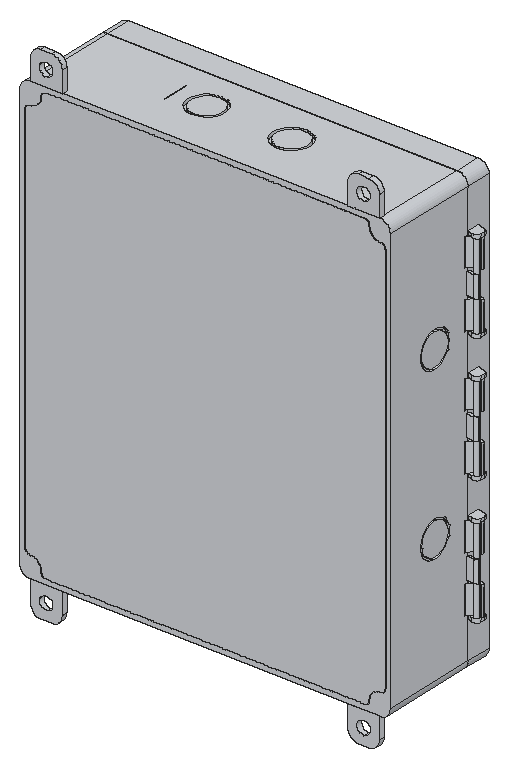
Revit family "Gas-Detectors-Control-Panel_GDCP-Touch_Brasch", category Generic Models, Revit 2026
Family settings
  Can host rebar = No
  Round Connector Dimension = Use Diameter
  Part Type = Normal
  Work Plane-Based = No
  Always vertical = Yes
  Cut with Voids When Loaded = No
  Maintain Annotation Orientation = No
  Shared = No
  Room Calculation Point = No
Parameters (values of type "GDCP-Touch, without any internal sensors")
  WIDTH = 8.72"
  URL = "https://braschenvtech.com/"
  Specification = "https://www.arcat.com/company/brasch-environmental-technologies-52580/spec"
  Product Page URL = "https://www.arcat.com/company/brasch-environmental-technologies-52580"
  Material = Gray
  Manufacturer = "Brasch Environmental Technologies"  # constant formula
  Keynote = "28 42 15"
  Input Voltage = "24 VAC"
  HEIGHT = 10.50"
  Default Elevation = 0.00"
  DEPTH = 2.90"
  Copyright = "@ARCAT"  # constant formula
  CAD Details = "https://www.arcat.com/company/brasch-environmental-technologies-52580/cad"
Reference planes (in)
  plane 1 "Center (Front/Back)": y = 0
  plane 2: z = 0
  plane 3 "Center (Left/Right)": x = 0
Forms (in)
  Extrusion 1, solid
    sketch origin (-4.37285, 0, 10.44843) x (0, 0, 1) y (-1, 0, 0)
      loop
        line (0.05157, -8.195) -> (0.05157, 0.025)
        arc (0.05157, 0.025) -> (-0.02165, 0.20178) -> (-0.19843, 0.275) r 0.25
        line (-0.19843, 0.275) -> (-10.19843, 0.275)
        arc (-10.19843, 0.275) -> (-10.37521, 0.20178) -> (-10.44843, 0.025) r 0.25
        line (-10.44843, 0.025) -> (-10.44843, -8.195)
        arc (-10.44843, -8.195) -> (-10.37521, -8.37178) -> (-10.19843, -8.445) r 0.25
        line (-10.19843, -8.445) -> (-0.19843, -8.445)
        arc (-0.19843, -8.445) -> (-0.02165, -8.37178) -> (0.05157, -8.195) r 0.25
      loop
        arc (-0.06843, -0.34997) -> (-0.10549, -0.26133) -> (-0.19462, -0.22546) r 0.12452
        arc (-0.19462, -0.22546) -> (-0.37407, -0.15113) -> (-0.44841, 0.02833) r 0.25379
        arc (-0.44841, 0.02833) -> (-0.48442, 0.1178) -> (-0.5734, 0.155) r 0.125
        line (-0.5734, 0.155) -> (-9.82346, 0.155)
        arc (-9.82346, 0.155) -> (-9.91244, 0.1178) -> (-9.94845, 0.02833) r 0.125
        arc (-9.94845, 0.02833) -> (-10.02279, -0.15113) -> (-10.20225, -0.22546) r 0.25379
        arc (-10.20225, -0.22546) -> (-10.29137, -0.26133) -> (-10.32843, -0.34997) r 0.12452
        line (-10.32843, -0.34997) -> (-10.32843, -7.82003)
        arc (-10.32843, -7.82003) -> (-10.29137, -7.90867) -> (-10.20225, -7.94454) r 0.12452
        arc (-10.20225, -7.94454) -> (-10.02279, -8.01887) -> (-9.94845, -8.19833) r 0.25379
        arc (-9.94845, -8.19833) -> (-9.91244, -8.2878) -> (-9.82346, -8.325) r 0.125
        line (-9.82346, -8.325) -> (-0.5734, -8.325)
        arc (-0.5734, -8.325) -> (-0.48442, -8.2878) -> (-0.44841, -8.19833) r 0.125
        arc (-0.44841, -8.19833) -> (-0.37407, -8.01887) -> (-0.19462, -7.94454) r 0.25379
        arc (-0.19462, -7.94454) -> (-0.10549, -7.90867) -> (-0.06843, -7.82003) r 0.12452
        line (-0.06843, -7.82003) -> (-0.06843, -0.34997)
    from 0 to -2.331
  Extrusion 2, solid
    sketch origin (0, 0, 0) x (1, 0, 0) y (0, 1, 0)
      loop
        line (4.1498, 2.38521) -> (4.07215, 2.276) -> (4.07215, 2.148)
        arc (4.07215, 2.148) -> (4.07469, 2.16427) -> (4.08205, 2.179) r 0.0535
        line (4.08205, 2.179) -> (4.20394, 2.35045)
        arc (4.20394, 2.35045) -> (4.25204, 2.37527) -> (4.30014, 2.35045) r 0.05902
        line (4.30014, 2.35045) -> (4.33643, 2.35045)
        arc (4.33643, 2.35045) -> (4.35667, 2.35809) -> (4.35724, 2.37971) r 0.01939
        arc (4.35724, 2.37971) -> (4.25498, 2.43774) -> (4.1498, 2.38521) r 0.125
    from 8.58333 to 9.25
  Extrusion 3, solid
    sketch origin (0, 0, -1.33333) x (1, 0, 0) y (0, 1, 0)
      loop
        line (4.1498, 2.38521) -> (4.07215, 2.276) -> (4.07215, 2.148)
        arc (4.07215, 2.148) -> (4.07469, 2.16427) -> (4.08205, 2.179) r 0.0535
        line (4.08205, 2.179) -> (4.20394, 2.35045)
        arc (4.20394, 2.35045) -> (4.25204, 2.37527) -> (4.30014, 2.35045) r 0.05902
        line (4.30014, 2.35045) -> (4.33643, 2.35045)
        arc (4.33643, 2.35045) -> (4.35667, 2.35809) -> (4.35724, 2.37971) r 0.01939
        arc (4.35724, 2.37971) -> (4.25498, 2.43774) -> (4.1498, 2.38521) r 0.125
    from 8.58333 to 9.25
  Extrusion 4, solid
    sketch origin (0, 0, -3) x (1, 0, 0) y (0, 1, 0)
      loop
        line (4.1498, 2.38521) -> (4.07215, 2.276) -> (4.07215, 2.148)
        arc (4.07215, 2.148) -> (4.07469, 2.16427) -> (4.08205, 2.179) r 0.0535
        line (4.08205, 2.179) -> (4.20394, 2.35045)
        arc (4.20394, 2.35045) -> (4.25204, 2.37527) -> (4.30014, 2.35045) r 0.05902
        line (4.30014, 2.35045) -> (4.33643, 2.35045)
        arc (4.33643, 2.35045) -> (4.35667, 2.35809) -> (4.35724, 2.37971) r 0.01939
        arc (4.35724, 2.37971) -> (4.25498, 2.43774) -> (4.1498, 2.38521) r 0.125
    from 8.58333 to 9.25
  Extrusion 5, solid
    sketch origin (0, 0, -4.33333) x (1, 0, 0) y (0, 1, 0)
      loop
        line (4.1498, 2.38521) -> (4.07215, 2.276) -> (4.07215, 2.148)
        arc (4.07215, 2.148) -> (4.07469, 2.16427) -> (4.08205, 2.179) r 0.0535
        line (4.08205, 2.179) -> (4.20394, 2.35045)
        arc (4.20394, 2.35045) -> (4.25204, 2.37527) -> (4.30014, 2.35045) r 0.05902
        line (4.30014, 2.35045) -> (4.33643, 2.35045)
        arc (4.33643, 2.35045) -> (4.35667, 2.35809) -> (4.35724, 2.37971) r 0.01939
        arc (4.35724, 2.37971) -> (4.25498, 2.43774) -> (4.1498, 2.38521) r 0.125
    from 8.58333 to 9.25
  Extrusion 6, solid
    sketch origin (0, 0, -6) x (1, 0, 0) y (0, 1, 0)
      loop
        line (4.1498, 2.38521) -> (4.07215, 2.276) -> (4.07215, 2.148)
        arc (4.07215, 2.148) -> (4.07469, 2.16427) -> (4.08205, 2.179) r 0.0535
        line (4.08205, 2.179) -> (4.20394, 2.35045)
        arc (4.20394, 2.35045) -> (4.25204, 2.37527) -> (4.30014, 2.35045) r 0.05902
        line (4.30014, 2.35045) -> (4.33643, 2.35045)
        arc (4.33643, 2.35045) -> (4.35667, 2.35809) -> (4.35724, 2.37971) r 0.01939
        arc (4.35724, 2.37971) -> (4.25498, 2.43774) -> (4.1498, 2.38521) r 0.125
    from 8.58333 to 9.25
  Extrusion 7, solid
    sketch origin (0, 0, -7.33333) x (1, 0, 0) y (0, 1, 0)
      loop
        line (4.1498, 2.38521) -> (4.07215, 2.276) -> (4.07215, 2.148)
        arc (4.07215, 2.148) -> (4.07469, 2.16427) -> (4.08205, 2.179) r 0.0535
        line (4.08205, 2.179) -> (4.20394, 2.35045)
        arc (4.20394, 2.35045) -> (4.25204, 2.37527) -> (4.30014, 2.35045) r 0.05902
        line (4.30014, 2.35045) -> (4.33643, 2.35045)
        arc (4.33643, 2.35045) -> (4.35667, 2.35809) -> (4.35724, 2.37971) r 0.01939
        arc (4.35724, 2.37971) -> (4.25498, 2.43774) -> (4.1498, 2.38521) r 0.125
    from 8.58333 to 9.25
  Extrusion 8, solid
    sketch origin (0, 0, 0) x (1, 0, 0) y (0, 1, 0)
      loop
        line (4.07215, 2.211) -> (4.27015, 2.211)
        arc (4.27015, 2.211) -> (4.31106, 2.21894) -> (4.34602, 2.24159) r 0.10938
        arc (4.34602, 2.24159) -> (4.3507, 2.26348) -> (4.33215, 2.276) r 0.02
        line (4.33215, 2.276) -> (4.30015, 2.276)
        arc (4.30015, 2.276) -> (4.25165, 2.25147) -> (4.20315, 2.276) r 0.0602
        line (4.20315, 2.276) -> (4.07215, 2.276) -> (4.07215, 2.211)
    from 7.99997 to 8.50003
  Extrusion 9, solid
    sketch origin (0, 0, -3) x (1, 0, 0) y (0, 1, 0)
      loop
        line (4.07215, 2.211) -> (4.27015, 2.211)
        arc (4.27015, 2.211) -> (4.31106, 2.21894) -> (4.34602, 2.24159) r 0.10938
        arc (4.34602, 2.24159) -> (4.3507, 2.26348) -> (4.33215, 2.276) r 0.02
        line (4.33215, 2.276) -> (4.30015, 2.276)
        arc (4.30015, 2.276) -> (4.25165, 2.25147) -> (4.20315, 2.276) r 0.0602
        line (4.20315, 2.276) -> (4.07215, 2.276) -> (4.07215, 2.211)
    from 7.99997 to 8.50003
  Extrusion 10, solid
    sketch origin (0, 0, -6) x (1, 0, 0) y (0, 1, 0)
      loop
        line (4.07215, 2.211) -> (4.27015, 2.211)
        arc (4.27015, 2.211) -> (4.31106, 2.21894) -> (4.34602, 2.24159) r 0.10938
        arc (4.34602, 2.24159) -> (4.3507, 2.26348) -> (4.33215, 2.276) r 0.02
        line (4.33215, 2.276) -> (4.30015, 2.276)
        arc (4.30015, 2.276) -> (4.25165, 2.25147) -> (4.20315, 2.276) r 0.0602
        line (4.20315, 2.276) -> (4.07215, 2.276) -> (4.07215, 2.211)
    from 7.99997 to 8.50003
  Extrusion 11, solid
    sketch origin (-4.1404, 0.12, 0.33138) x (0, 0, -1) y (-1, 0, 0)
      loop
        circle (-9.57553, -6.20256) r 0.14
      loop
        circle (-9.57553, -6.20256) r 0.05482
      loop
        circle (-9.57244, -1.5026) r 0.14
      loop
        circle (-9.57244, -1.5026) r 0.05482
      loop
        circle (-4.87594, -1.50149) r 0.14
      loop
        circle (-4.87594, -1.50149) r 0.05482
      loop
        circle (-4.87612, -6.20255) r 0.14
      loop
        circle (-4.87612, -6.20255) r 0.05482
    from 0 to 2.278
  Extrusion 12, solid
    sketch origin (-2.8954, 0.12, -3.98112) x (0, 0, -1) y (-1, 0, 0)
      loop
        circle (-4.87612, -6.20255) r 0.14
      loop
        circle (-4.87612, -6.20255) r 0.06853
      loop
        circle (-4.87612, -5.58255) r 0.14
      loop
        circle (-4.87612, -5.58255) r 0.06853
      loop
        circle (-4.87612, -2.91755) r 0.14
      loop
        circle (-4.87612, -2.91755) r 0.06853
      loop
        circle (-4.87612, -2.29755) r 0.14
      loop
        circle (-4.87612, -2.29755) r 0.06853
      loop
        circle (-4.87612, 0.98731) r 0.14
      loop
        circle (-4.87612, 0.98731) r 0.06853
      loop
        circle (-12.14112, 0.98745) r 0.14
      loop
        circle (-12.14112, 0.98745) r 0.06853
      loop
        circle (-12.14112, -6.20255) r 0.14
      loop
        circle (-12.14112, -6.20255) r 0.06853
      loop
        circle (-13.34612, -4.25005) r 0.14
      loop
        circle (-13.34612, -4.25005) r 0.06853
      loop
        circle (-13.34612, -0.96505) r 0.14
      loop
        circle (-13.34612, -0.96505) r 0.06853
      loop
        circle (-11.03862, -2.60755) r 0.14
      loop
        circle (-11.03862, -2.60755) r 0.06853
      loop
        circle (-9.48612, -0.96505) r 0.14
      loop
        circle (-9.48612, -0.96505) r 0.06853
      loop
        circle (-9.48612, -4.25005) r 0.14
      loop
        circle (-9.48612, -4.25005) r 0.06853
      loop
        circle (-9.88824, -6.211) r 0.14
      loop
        circle (-9.88824, -6.211) r 0.06853
      loop
        circle (-8.73612, -6.20255) r 0.14
      loop
        circle (-8.73612, -6.20255) r 0.06853
      loop
        circle (-8.73612, -5.58255) r 0.14
      loop
        circle (-8.73612, -5.58255) r 0.06853
      loop
        circle (-8.73612, -2.91755) r 0.14
      loop
        circle (-8.73612, -2.91755) r 0.06853
      loop
        circle (-8.73612, -2.29755) r 0.14
      loop
        circle (-8.73612, -2.29755) r 0.06853
      loop
        circle (-8.73612, 0.98745) r 0.14
      loop
        circle (-8.73612, 0.98745) r 0.06853
      loop
        circle (-9.93612, 0.98745) r 0.14
      loop
        circle (-9.93612, 0.98745) r 0.06853
    from 0 to 0.4
  Extrusion 13, solid
    sketch origin (-2.7504, 0.12, -4.27612) x (0, 0, -1) y (-1, 0, 0)
      loop
        circle (-4.87612, -6.20255) r 0.14
      loop
        circle (-4.87612, -6.20255) r 0.06853
      loop
        circle (-4.87612, 1.27745) r 0.14
      loop
        circle (-4.87612, 1.27745) r 0.06853
      loop
        circle (-14.17612, 1.27745) r 0.14
      loop
        circle (-14.17612, 1.27745) r 0.06853
      loop
        circle (-14.17612, -6.20255) r 0.14
      loop
        circle (-14.17612, -6.20255) r 0.06853
      loop
        circle (-9.52612, -2.46255) r 0.14
      loop
        circle (-9.52612, -2.46255) r 0.06853
    from 0 to 0.2
  Extrusion 14, solid
    sketch origin (1.94394, 0.7353, 5.1325) x (0, 1, 0) y (-1, 0, 0)
      loop
        line (-0.6153, 0.44574) -> (-0.6153, 0.00939) -> (-0.01296, 0.00939) -> (-0.6153, 0.44574)
      loop
        line (0, 4.46357) -> (-0.6153, 4.46357) -> (-0.6153, 4.01783) -> (0, 4.46357)
    from 0 to 0.15
  Extrusion 15, solid
    sketch origin (1.94393, 0.7353, 9.8315) x (0, 1, 0) y (-1, 0, 0)
      loop
        line (-0.6153, 0.44574) -> (-0.6153, 0.00939) -> (-0.01296, 0.00939) -> (-0.6153, 0.44574)
      loop
        line (0, 4.46357) -> (-0.6153, 4.46357) -> (-0.6153, 4.01783) -> (0, 4.46357)
    from 0 to 0.15
  Extrusion 16, solid
    sketch origin (-2.56285, 0.7353, 5.32572) x (0, 0, -1) y (0, 1, 0)
      loop
        line (0, 0) -> (-0.44574, -0.6153) -> (0, -0.6153) -> (0, 0)
      loop
        line (-4.46357, -0.6153) -> (-4.01683, -0.6153) -> (-4.46357, 0.00138) -> (-4.46357, -0.6153)
    from 0 to -0.15
  Extrusion 17, solid
    sketch origin (2.13635, 0.7353, 5.32572) x (0, 0, -1) y (0, 1, 0)
      loop
        line (0, 0) -> (-0.44574, -0.6153) -> (0, -0.6153) -> (0, 0)
      loop
        line (-4.46357, -0.6153) -> (-4.01683, -0.6153) -> (-4.46357, 0.00138) -> (-4.46357, -0.6153)
    from 0 to -0.15
  Extrusion 18, solid
    sketch origin (-4.1404, 0.12, 0.33138) x (0, 0, -1) y (-1, 0, 0)
      loop
        line (-10.04862, -0.11752) -> (-10.04862, -7.58759)
        arc (-10.04862, -7.58759) -> (-10.01156, -7.67622) -> (-9.92244, -7.7121) r 0.12452
        arc (-9.92244, -7.7121) -> (-9.74298, -7.78643) -> (-9.66864, -7.96589) r 0.25379
        arc (-9.66864, -7.96589) -> (-9.63263, -8.05535) -> (-9.54366, -8.09256) r 0.125
        line (-9.54366, -8.09256) -> (-0.29359, -8.09256)
        arc (-0.29359, -8.09256) -> (-0.20461, -8.05535) -> (-0.1686, -7.96589) r 0.125
        arc (-0.1686, -7.96589) -> (-0.09427, -7.78643) -> (0.08519, -7.7121) r 0.25379
        arc (0.08519, -7.7121) -> (0.17432, -7.67622) -> (0.21138, -7.58759) r 0.12452
        line (0.21138, -7.58759) -> (0.21138, -0.11752)
        arc (0.21138, -0.11752) -> (0.17432, -0.02889) -> (0.08519, 0.00698) r 0.12452
        arc (0.08519, 0.00698) -> (-0.09427, 0.08132) -> (-0.1686, 0.26078) r 0.25379
        arc (-0.1686, 0.26078) -> (-0.20461, 0.35024) -> (-0.29359, 0.38744) r 0.125
        line (-0.29359, 0.38744) -> (-9.54366, 0.38744)
        arc (-9.54366, 0.38744) -> (-9.63263, 0.35024) -> (-9.66864, 0.26078) r 0.125
        arc (-9.66864, 0.26078) -> (-9.74298, 0.08132) -> (-9.92244, 0.00698) r 0.25379
        arc (-9.92244, 0.00698) -> (-10.01156, -0.02889) -> (-10.04862, -0.11752) r 0.12452
    from 0 to -0.12
  Extrusion 19, solid
    sketch origin (-4.1404, 0.12, 0.33138) x (0, 0, -1) y (-1, 0, 0)
      loop
        line (0.83138, 0.25744) -> (0.33138, 0.25744) -> (0.33138, -0.49256) -> (0.83138, -0.49256)
        arc (0.83138, -0.49256) -> (1.00815, -0.41933) -> (1.08138, -0.24256) r 0.25
        line (1.08138, -0.24256) -> (1.08138, 0.00744)
        arc (1.08138, 0.00744) -> (1.00815, 0.18422) -> (0.83138, 0.25744) r 0.25
      loop
        line (0.83138, -7.21256) -> (0.33138, -7.21256) -> (0.33138, -7.96256) -> (0.83138, -7.96256)
        arc (0.83138, -7.96256) -> (1.00815, -7.88933) -> (1.08138, -7.71256) r 0.25
        line (1.08138, -7.71256) -> (1.08138, -7.46256)
        arc (1.08138, -7.46256) -> (1.00815, -7.28578) -> (0.83138, -7.21256) r 0.25
      loop
        circle (0.70638, -0.11756) r 0.16
      loop
        circle (0.70638, -7.58756) r 0.16
      loop
        arc (-10.66862, 0.25744) -> (-10.8454, 0.18422) -> (-10.91862, 0.00744) r 0.25
        line (-10.91862, 0.00744) -> (-10.91862, -0.24256)
        arc (-10.91862, -0.24256) -> (-10.8454, -0.41933) -> (-10.66862, -0.49256) r 0.25
        line (-10.66862, -0.49256) -> (-10.16862, -0.49256) -> (-10.16862, 0.25744) -> (-10.66862, 0.25744)
      loop
        arc (-10.66862, -7.21256) -> (-10.8454, -7.28578) -> (-10.91862, -7.46256) r 0.25
        line (-10.91862, -7.46256) -> (-10.91862, -7.71256)
        arc (-10.91862, -7.71256) -> (-10.8454, -7.88933) -> (-10.66862, -7.96256) r 0.25
        line (-10.66862, -7.96256) -> (-10.16862, -7.96256) -> (-10.16862, -7.21256) -> (-10.66862, -7.21256)
      loop
        circle (-10.54362, -0.11756) r 0.16
      loop
        circle (-10.54362, -7.58756) r 0.16
    from 0 to -0.12
  Extrusion 20, void
    sketch origin (-4.64785, 0, 10.25) x (0, 0, 1) y (0, -1, 0)
      loop
        circle (-3, -1.3) r 0.4375
      loop
        circle (-3, -1.3) r 0.375
      loop
        circle (-7.00175, -1.30665) r 0.4375
      loop
        circle (-7.00175, -1.30665) r 0.375
    from 0 to 0.066
  Extrusion 21, void
    sketch origin (4.07215, 0, 10.25) x (0, 0, 1) y (0, 1, 0)
      loop
        circle (-3, 1.3) r 0.4375
      loop
        circle (-3, 1.3) r 0.375
      loop
        circle (-7.00175, 1.30665) r 0.4375
      loop
        circle (-7.00175, 1.30665) r 0.375
    from 0 to 0.066
  Extrusion 22, void
    sketch origin (3.82215, 0, 10.5) x (0, -1, 0) y (-1, 0, 0)
      loop
        circle (-1.3, 3.11) r 0.4375
      loop
        circle (-1.3, 3.11) r 0.375
      loop
        circle (-1.3, 5.11) r 0.4375
      loop
        circle (-1.3, 5.11) r 0.375
    from 0 to 0.066
  Extrusion 23, void
    sketch origin (3.82215, 0, 0) x (1, 0, 0) y (0, 1, 0)
      loop
        circle (-4.11, 1.3) r 0.4375
      loop
        circle (-4.11, 1.3) r 0.375
      loop
        circle (-6.11, 1.3) r 0.4375
      loop
        circle (-6.11, 1.3) r 0.375
      loop
        circle (-2.11, 1.3) r 0.4375
      loop
        circle (-2.11, 1.3) r 0.375
    from 0 to 0.066
  Extrusion 24, void
    sketch origin (-4.1404, 0.12, 0.33138) x (0, 0, 1) y (-1, 0, 0)
      loop
        circle (9.91862, -7.96256) r 0.095
      loop
        circle (9.91862, 0.25744) r 0.095
      loop
        circle (-0.08138, 0.25744) r 0.095
      loop
        circle (-0.08138, -7.96256) r 0.095
    from 0 to -2.211
  Extrusion 25, void
    sketch origin (-4.1404, 0.12, 0.33138) x (0, 0, 1) y (-1, 0, 0)
      loop
        arc (0.11752, -7.96526) -> (0.1677, -8.08884) -> (0.2908, -8.14017) r 0.17328
        line (0.2908, -8.14017) -> (9.53397, -8.14017)
        arc (9.53397, -8.14017) -> (9.65805, -8.08761) -> (9.70665, -7.96192) r 0.17276
        arc (9.70665, -7.96192) -> (9.76671, -7.81193) -> (9.91574, -7.74951) r 0.20912
        arc (9.91574, -7.74951) -> (10.05002, -7.70032) -> (10.10658, -7.56896) r 0.18083
        line (10.10658, -7.56896) -> (10.10658, -0.1171)
        arc (10.10658, -0.1171) -> (10.06269, 0.00019) -> (9.95259, 0.05987) r 0.17868
        arc (9.95259, 0.05987) -> (9.79087, 0.1073) -> (9.72085, 0.2606) r 0.2028
        arc (9.72085, 0.2606) -> (9.67059, 0.38594) -> (9.54602, 0.43809) r 0.17486
        line (9.54602, 0.43809) -> (0.29665, 0.43809)
        arc (0.29665, 0.43809) -> (0.17157, 0.3861) -> (0.12017, 0.26078) r 0.17649
        arc (0.12017, 0.26078) -> (0.06099, 0.11654) -> (-0.08244, 0.05543) r 0.20536
        arc (-0.08244, 0.05543) -> (-0.20825, 0.00618) -> (-0.26095, -0.11821) r 0.1741
        line (-0.26095, -0.11821) -> (-0.26095, -7.58775)
        arc (-0.26095, -7.58775) -> (-0.20934, -7.71155) -> (-0.08507, -7.76202) r 0.17428
        arc (-0.08507, -7.76202) -> (0.05822, -7.82177) -> (0.11752, -7.96526) r 0.20324
      loop
        line (-0.33138, 0.25744) -> (-0.33138, -7.96256)
        arc (-0.33138, -7.96256) -> (-0.25815, -8.13933) -> (-0.08138, -8.21256) r 0.25
        line (-0.08138, -8.21256) -> (9.91862, -8.21256)
        arc (9.91862, -8.21256) -> (10.0954, -8.13933) -> (10.16862, -7.96256) r 0.25
        line (10.16862, -7.96256) -> (10.16862, 0.25744)
        arc (10.16862, 0.25744) -> (10.0954, 0.43422) -> (9.91862, 0.50744) r 0.25
        line (9.91862, 0.50744) -> (-0.08138, 0.50744)
        arc (-0.08138, 0.50744) -> (-0.25815, 0.43422) -> (-0.33138, 0.25744) r 0.25
    from -2.156 to -2.211
Cuts and joins
  Extrusion 20, Extrusion 21, Extrusion 22, Extrusion 23, Extrusion 24, Extrusion 25 cuts Extrusion 1
Dimensions and locks (in)
  aligned and locked: plane 2 to level
Nested families (in)
  nested 1: "GDCP lid" at (-0.28689, 2.77823, 0) x (-1, 0, 0) z (0, 0, 1), type "GDCP lid"
Definition of nested family "GDCP lid"
  Parameters
    Default Elevation = 0.00"
  Reference planes (in)
    plane 1 "Center (Front/Back)": y = 0
    plane 2: z = 0
    plane 3 "Center (Left/Right)": x = 0
  Forms (in)
    Extrusion 1, solid
      sketch origin (3.15, 0.11, 9.8) x (0, 0, 1) y (1, 0, 0)
        loop
          line (0.7, -7.26) -> (0.7, 0.96)
          arc (0.7, 0.96) -> (0.62678, 1.13678) -> (0.45, 1.21) r 0.25
          line (0.45, 1.21) -> (-9.55, 1.21)
          arc (-9.55, 1.21) -> (-9.72678, 1.13678) -> (-9.8, 0.96) r 0.25
          line (-9.8, 0.96) -> (-9.8, -7.26)
          arc (-9.8, -7.26) -> (-9.72678, -7.43678) -> (-9.55, -7.51) r 0.25
          line (-9.55, -7.51) -> (0.45, -7.51)
          arc (0.45, -7.51) -> (0.62678, -7.43678) -> (0.7, -7.26) r 0.25
        loop
          arc (0.48, 0.58503) -> (0.19365, 0.70365) -> (0.07503, 0.99) r 0.40497
          line (0.07503, 0.99) -> (-9.17503, 0.99)
          arc (-9.17503, 0.99) -> (-9.29365, 0.70365) -> (-9.58, 0.58503) r 0.40497
          line (-9.58, 0.58503) -> (-9.58, -6.88503)
          arc (-9.58, -6.88503) -> (-9.29365, -7.00365) -> (-9.17503, -7.29) r 0.40497
          line (-9.17503, -7.29) -> (0.07503, -7.29)
          arc (0.07503, -7.29) -> (0.19365, -7.00365) -> (0.48, -6.88503) r 0.40497
          line (0.48, -6.88503) -> (0.48, 0.58503)
      from 0 to -0.61
    Extrusion 2, solid
      sketch origin (3.15, 0.11, 9.8) x (0, 0, 1) y (1, 0, 0)
        loop
          line (0.07503, 0.99) -> (-9.17503, 0.99)
          arc (-9.17503, 0.99) -> (-9.29365, 0.70365) -> (-9.58, 0.58503) r 0.40497
          line (-9.58, 0.58503) -> (-9.58, -6.88503)
          arc (-9.58, -6.88503) -> (-9.29365, -7.00365) -> (-9.17503, -7.29) r 0.40497
          line (-9.17503, -7.29) -> (0.07503, -7.29)
          arc (0.07503, -7.29) -> (0.19365, -7.00365) -> (0.48, -6.88503) r 0.40497
          line (0.48, -6.88503) -> (0.48, 0.58503)
          arc (0.48, 0.58503) -> (0.19365, 0.70365) -> (0.07503, 0.99) r 0.40497
      from 0 to -0.11
    Extrusion 3, void
      sketch origin (3.15, 0.11, 9.8) x (0, 0, 1) y (1, 0, 0)
        loop
          line (-9.17396, -7.345) -> (0.07503, -7.345)
          arc (0.07503, -7.345) -> (0.13236, -7.32126) -> (0.1561, -7.26393) r 0.08107
          arc (0.1561, -7.26393) -> (0.25319, -7.04324) -> (0.47998, -6.96138) r 0.30599
          arc (0.47998, -6.96138) -> (0.51645, -6.93752) -> (0.535, -6.8981) r 0.08
          line (0.535, -6.8981) -> (0.535, 0.5981)
          arc (0.535, 0.5981) -> (0.51645, 0.63752) -> (0.47998, 0.66138) r 0.08
          arc (0.47998, 0.66138) -> (0.25319, 0.74324) -> (0.1561, 0.96393) r 0.30599
          arc (0.1561, 0.96393) -> (0.13236, 1.02126) -> (0.07503, 1.045) r 0.08107
          line (0.07503, 1.045) -> (-9.17396, 1.045)
          arc (-9.17396, 1.045) -> (-9.23128, 1.02126) -> (-9.25503, 0.96393) r 0.08107
          arc (-9.25503, 0.96393) -> (-9.35212, 0.74324) -> (-9.57891, 0.66138) r 0.30599
          arc (-9.57891, 0.66138) -> (-9.61947, 0.6324) -> (-9.635, 0.58503) r 0.08
          line (-9.635, 0.58503) -> (-9.635, -6.88503)
          arc (-9.635, -6.88503) -> (-9.61947, -6.9324) -> (-9.57891, -6.96138) r 0.08
          arc (-9.57891, -6.96138) -> (-9.35212, -7.04324) -> (-9.25503, -7.26393) r 0.30599
          arc (-9.25503, -7.26393) -> (-9.23128, -7.32126) -> (-9.17396, -7.345) r 0.08107
        loop
          arc (0.07611, -7.445) -> (0.18268, -7.41006) -> (0.24788, -7.31879) r 0.18
          arc (0.24788, -7.31879) -> (0.31568, -7.1246) -> (0.50987, -7.05681) r 0.23668
          arc (0.50987, -7.05681) -> (0.60673, -6.98353) -> (0.635, -6.8654) r 0.18
          line (0.635, -6.8654) -> (0.635, 0.5654)
          arc (0.635, 0.5654) -> (0.60673, 0.68353) -> (0.50987, 0.75681) r 0.18
          arc (0.50987, 0.75681) -> (0.31568, 0.8246) -> (0.24788, 1.01879) r 0.23668
          arc (0.24788, 1.01879) -> (0.18268, 1.11006) -> (0.07611, 1.145) r 0.18
          line (0.07611, 1.145) -> (-9.17503, 1.145)
          arc (-9.17503, 1.145) -> (-9.28161, 1.11006) -> (-9.34681, 1.01879) r 0.18
          arc (-9.34681, 1.01879) -> (-9.4146, 0.8246) -> (-9.60879, 0.75681) r 0.23668
          arc (-9.60879, 0.75681) -> (-9.70006, 0.69161) -> (-9.735, 0.58503) r 0.18
          line (-9.735, 0.58503) -> (-9.735, -6.88503)
          arc (-9.735, -6.88503) -> (-9.70006, -6.99161) -> (-9.60879, -7.05681) r 0.18
          arc (-9.60879, -7.05681) -> (-9.4146, -7.1246) -> (-9.34681, -7.31879) r 0.23668
          arc (-9.34681, -7.31879) -> (-9.28161, -7.41006) -> (-9.17503, -7.445) r 0.18
          line (-9.17503, -7.445) -> (0.07611, -7.445)
      from -0.61 to -0.512
    Extrusion 4, void
      sketch origin (3.15, 0.11, 9.8) x (0, 0, 1) y (1, 0, 0)
        loop
          circle (0.45, -7.26) r 0.0705
        loop
          circle (0.45, 0.96) r 0.0705
        loop
          circle (-9.55, 0.96) r 0.0705
        loop
          circle (-9.55, -7.26) r 0.0705
      from -0.04 to -0.61
    Extrusion 5, solid
      sketch origin (-4.505, -0.40438, 9.2625) x (0, 1, 0) y (-1, 0, 0)
        loop
          arc (0.11037, 0.08715) -> (0.08218, 0.12192) -> (0.03938, 0.135) r 0.07659
          line (0.03938, 0.135) -> (-0.06062, 0.135)
          arc (-0.06062, 0.135) -> (-0.14355, 0.09089) -> (-0.15331, -0.00253) r 0.1
          line (-0.15331, -0.00253) -> (-0.09562, -0.145) -> (0.20438, -0.145) -> (0.11037, 0.08715)
      from 0 to 0.075
    Extrusion 6, solid
      sketch origin (-4.505, -0.40438, 7.1525) x (0, 1, 0) y (-1, 0, 0)
        loop
          arc (0.11037, 0.08715) -> (0.08218, 0.12192) -> (0.03938, 0.135) r 0.07659
          line (0.03938, 0.135) -> (-0.06062, 0.135)
          arc (-0.06062, 0.135) -> (-0.14355, 0.09089) -> (-0.15331, -0.00253) r 0.1
          line (-0.15331, -0.00253) -> (-0.09562, -0.145) -> (0.20438, -0.145) -> (0.11037, 0.08715)
      from 0.01 to 0.085
    Extrusion 7, solid
      sketch origin (-4.505, -0.40438, 9.2625) x (0, 1, 0) y (-1, 0, 0)
        loop
          circle (-0.06062, 0.03503) r 0.06027
      from -2.025 to 0
    Extrusion 8, solid
      sketch origin (-4.505, -0.40438, 6.2625) x (0, 1, 0) y (-1, 0, 0)
        loop
          arc (0.11037, 0.08715) -> (0.08218, 0.12192) -> (0.03938, 0.135) r 0.07659
          line (0.03938, 0.135) -> (-0.06062, 0.135)
          arc (-0.06062, 0.135) -> (-0.14355, 0.09089) -> (-0.15331, -0.00253) r 0.1
          line (-0.15331, -0.00253) -> (-0.09562, -0.145) -> (0.20438, -0.145) -> (0.11037, 0.08715)
      from 0 to 0.075
    Extrusion 9, solid
      sketch origin (-4.505, -0.40438, 4.1525) x (0, 1, 0) y (-1, 0, 0)
        loop
          arc (0.11037, 0.08715) -> (0.08218, 0.12192) -> (0.03938, 0.135) r 0.07659
          line (0.03938, 0.135) -> (-0.06062, 0.135)
          arc (-0.06062, 0.135) -> (-0.14355, 0.09089) -> (-0.15331, -0.00253) r 0.1
          line (-0.15331, -0.00253) -> (-0.09562, -0.145) -> (0.20438, -0.145) -> (0.11037, 0.08715)
      from 0.01 to 0.085
    Extrusion 10, solid
      sketch origin (-4.505, -0.40438, 6.2625) x (0, 1, 0) y (-1, 0, 0)
        loop
          circle (-0.06062, 0.03503) r 0.06027
      from -2.025 to 0
    Extrusion 11, solid
      sketch origin (-4.505, -0.40438, 3.2625) x (0, 1, 0) y (-1, 0, 0)
        loop
          arc (0.11037, 0.08715) -> (0.08218, 0.12192) -> (0.03938, 0.135) r 0.07659
          line (0.03938, 0.135) -> (-0.06062, 0.135)
          arc (-0.06062, 0.135) -> (-0.14355, 0.09089) -> (-0.15331, -0.00253) r 0.1
          line (-0.15331, -0.00253) -> (-0.09562, -0.145) -> (0.20438, -0.145) -> (0.11037, 0.08715)
      from 0 to 0.075
    Extrusion 12, solid
      sketch origin (-4.505, -0.40438, 1.1525) x (0, 1, 0) y (-1, 0, 0)
        loop
          arc (0.11037, 0.08715) -> (0.08218, 0.12192) -> (0.03938, 0.135) r 0.07659
          line (0.03938, 0.135) -> (-0.06062, 0.135)
          arc (-0.06062, 0.135) -> (-0.14355, 0.09089) -> (-0.15331, -0.00253) r 0.1
          line (-0.15331, -0.00253) -> (-0.09562, -0.145) -> (0.20438, -0.145) -> (0.11037, 0.08715)
      from 0.01 to 0.085
    Extrusion 13, solid
      sketch origin (-4.505, -0.40438, 3.2625) x (0, 1, 0) y (-1, 0, 0)
        loop
          circle (-0.06062, 0.03503) r 0.06027
      from -2.025 to 0
    Extrusion 14, void
      sketch origin (4.24673, 0.12, 10.20024) x (0, 0, 1) y (1, 0, 0)
        loop
          circle (0.04976, -0.13673) r 0.1455
        loop
          circle (-9.95024, -0.13673) r 0.1455
      from 0 to -0.05
  Cuts and joins
    Extrusion 3, Extrusion 4, Extrusion 14 cuts Extrusion 1
  Dimensions and locks (in)
    aligned and locked: plane 2 to level
